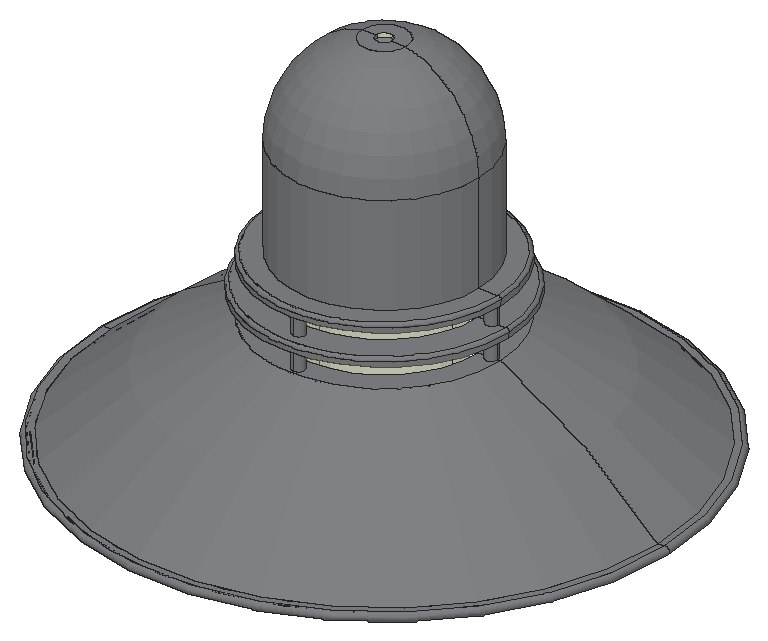
Revit family "UDR218 SHADE", category Lighting Fixtures, Revit 2024
Family settings
  Round Connector Dimension = Use Diameter
  Part Type = Normal
  OmniClass Number = 23.80.70.00
  OmniClass Title = Lighting
  Work Plane-Based = No
  Always vertical = Yes
  Cut with Voids When Loaded = No
  Light Source = Yes
  Maintain Annotation Orientation = No
  Shared = No
  Room Calculation Point = No
Parameters
  Wattage = 12.1178 W
  built-in parameter 1150110 = 1 (stored number, unit not read)
  built-in parameter 1114217 = 1 (stored number, unit not read)
  built-in parameter 1150109 = 1 (stored number, unit not read)
  built-in parameter 1150134 = (empty or 0)
  built-in parameter 1150113 = 1 (stored number, unit not read)
  Lumens = 1800 lm
  built-in parameter 1150115 = 1 (stored number, unit not read)
  built-in parameter 1150105 = 572.96 (stored number, unit not read)
  Light Source Symbol Size = 2' - 0"
  built-in parameter 1150137 = (empty or 0)
  built-in parameter 1150139 = (empty or 0)
  built-in parameter 1150112 = 1 (stored number, unit not read)
  built-in parameter 1150114 = 1 (stored number, unit not read)
  built-in parameter 1150132 = 2
  built-in parameter 1150102 = (empty or 0)
  built-in parameter 1150138 = (empty or 0)
  built-in parameter 1150107 = 3000 (stored number, unit not read)
  built-in parameter 1150106 = 5.7296 (stored number, unit not read)
  built-in parameter 1150104 = 13.8 (stored number, unit not read)
  Dimming Lamp Color Temperature Shift = (empty or 0)
  Default Elevation = 0' - 0"
  Color Filter = 16777215
  built-in parameter 1114218 = 1 (stored number, unit not read)
  built-in parameter 1150133 = 10 (stored number, unit not read)
Reference planes (in)
  plane 1 "Light Source Axis (F/B)": y = 0
  plane 2: z = 0
  plane 3 "Light Source Axis (L/R)": x = 0
  plane 4 "Light Source Elevation": z = 83.88626
Forms (in)
  Revolve 1, solid
    sketch origin (0, 0, 0) x (1, 0, 0) y (0, 0, 1)
      loop
        line (-0.25, 95.41627) -> (-0.6925, 95.41627)
        arc (-0.6925, 95.41627) -> (-2.35317, 94.35786) -> (-2.9996, 92.4977) r 2.9996
        line (-2.9996, 92.4977) -> (-2.9996, 89.38771) -> (-3.59803, 89.38771)
        arc (-3.59803, 89.38771) -> (-3.66874, 89.35842) -> (-3.69803, 89.28771) r 0.1
        line (-3.69803, 89.28771) -> (-3.69803, 89.13771) -> (-3.60428, 89.13771) -> (-3.60428, 89.29396) -> (-2.90585, 89.29396) -> (-2.90585, 92.4977)
        arc (-2.90585, 92.4977) -> (-2.283, 94.29545) -> (-0.68144, 95.32252) r 2.90585
        line (-0.68144, 95.32252) -> (-0.25, 95.32252) -> (-0.25, 95.41627)
      loop
        line (-2.9996, 88.5594) -> (-3.84803, 88.5594)
        arc (-3.84803, 88.5594) -> (-3.91874, 88.53011) -> (-3.94803, 88.4594) r 0.1
        line (-3.94803, 88.4594) -> (-3.94803, 88.3094) -> (-3.85428, 88.3094) -> (-3.85428, 88.46565) -> (-2.9996, 88.46565) -> (-2.9996, 88.5594)
      loop
        line (-2.9996, 87.55943) -> (-3.69803, 87.55943)
        arc (-3.69803, 87.55943) -> (-6.32779, 86.06852) -> (-8.65262, 84.13626) r 17.03509
        line (-8.65262, 84.13626) -> (-8.875, 84.13626)
        arc (-8.875, 84.13626) -> (-8.95155, 83.91244) -> (-8.75397, 84.04251) r 0.125
        line (-8.75397, 84.04251) -> (-8.61389, 84.04251)
        arc (-8.61389, 84.04251) -> (-6.29872, 85.97462) -> (-3.67768, 87.46568) r 16.94134
        line (-3.67768, 87.46568) -> (-2.9996, 87.46568) -> (-2.9996, 87.55943)
      loop
        line (-2.17877, 89.13771) -> (-2.17877, 83.88626)
        arc (-2.17877, 83.88626) -> (-1.45286, 82.51251) -> (0, 81.96175) r 2.19851
        line (0, 81.96175) -> (0, 82.0555)
        arc (0, 82.0555) -> (-1.38866, 82.58089) -> (-2.08502, 83.89219) r 2.10476
        line (-2.08502, 83.89219) -> (-2.08502, 89.13771) -> (-2.17877, 89.13771)
      axis (0, 95.41627) -> (0, 81.96175)
    angle from 0 to 360
  Sweep 2, solid
    path origin (0, 0, 0) x (1, 0, 0) y (0, 0, 1)
      loop
        line (-3.39251, 87.55943) -> (-3.39251, 89.29396)
    profile origin (-3.39251, 0, 88.42669) x (-1, 0, 0) y (0, -1, 0)
      loop
        circle (0, 0) r 0.1875
  Sweep 3, solid
    path origin (0, 0, 0) x (0, -1, 0) y (0, 0, 1)
      loop
        line (-3.39251, 87.55943) -> (-3.39251, 89.29396)
    profile origin (0, 3.39251, 88.42669) x (0, 1, 0) y (-1, 0, 0)
      loop
        circle (0, 0) r 0.1875
  Sweep 4, solid
    path origin (0, 0, 0) x (0, 1, 0) y (0, 0, 1)
      loop
        line (-3.39251, 87.55943) -> (-3.39251, 89.29396)
    profile origin (0, -3.39251, 88.42669) x (0, -1, 0) y (1, 0, 0)
      loop
        circle (0, 0) r 0.1875
  Sweep 5, solid
    path origin (0, 0, 0) x (-1, 0, 0) y (0, 0, 1)
      loop
        line (-3.39251, 87.55943) -> (-3.39251, 89.29396)
    profile origin (3.39251, 0, 88.42669) x (1, 0, 0) y (0, 1, 0)
      loop
        circle (0, 0) r 0.1875
Dimensions and locks (in)
  aligned and locked: plane 1 "Light Source Axis (F/B)" to imposter light
  aligned and locked: plane 4 "Light Source Elevation" to imposter light
  aligned and locked: level to plane 2
